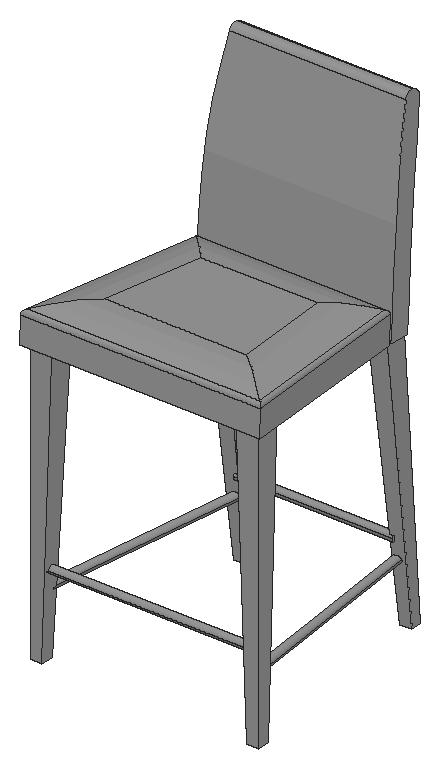
Revit family "Andreu World_Anna_BQ1386", category Furniture, Revit 2013
Parameters (values of type "BQ-1386")
  Width = 445 mm
  Upholstery Material = Andreu World Fabric
  URL = "http://www.andreuworld.com/"
  Reference = "BQ-1386"
  Model = "Anna"
  Metal = Andreu World Polished Chrome Finish
  Manufacturer = "Andreu World"
  Legs Material = Andreu World Beech
  Height = 950 mm
  Description = "Counter stool with upholstered seat and backrest. Solid beech wood frame."
  Depth = 465 mm
Reference planes
  plane 1 "Center (Front/Back)": y = 0
  plane 2: z = 0
  plane 3 "Center (Left/Right)": x = 0
  plane 4 "Left": x = -222.5
  plane 5 "Right": x = 222.5
  plane 6 "Back": y = 232.5
  plane 7 "Front": y = -232.5
  plane 8 "Seat Base": through (0, 178.206, 537.866) normal (0, 0.042, 0.9991)
  plane 9 "Seat Height": through (0, 0, 625.691) normal (0, 0.042, 0.9991)
  plane 10 "Height": z = 950
Forms (mm)
  Blend 1, solid, material "Andreu World Beech" <- "Legs Material", detail levels medium+fine
    base sketch origin (0, 0, 0) x (1, 0, 0) y (0, 1, 0)
      loop
        line (-224.897, -204.594) -> (-224.897, -227.594) -> (-201.897, -227.594) -> (-201.897, -204.594) -> (-224.897, -204.594)
    top sketch origin (0, 0, 0) x (1, 0, 0) y (0, 1, 0)
      loop
        line (-224.897, -182.887) -> (-224.897, -227.594) -> (-179.897, -227.594) -> (-179.897, -182.887) -> (-224.897, -182.887)
    from 0 to 594.686
  Blend 2, solid, material "Andreu World Beech" <- "Legs Material", detail levels medium+fine
    base sketch origin (0, 0, 0) x (1, 0, 0) y (0, 1, 0)
      loop
        line (-175.023, 231.933) -> (-175.023, 211.933) -> (-151.947, 211.933) -> (-151.947, 231.933) -> (-175.023, 231.933)
    top sketch origin (0, 0, 0) x (1, 0, 0) y (0, 1, 0)
      loop
        line (-183.488, 180.3) -> (-183.488, 138.27) -> (-143.488, 138.27) -> (-143.488, 180.3) -> (-183.488, 180.3)
    from 0 to 574.764
  Sweep 3, solid, material "Andreu World Fabric" <- "Upholstery Material", detail levels medium+fine
    path origin (0, 26.287, 624.585) x (0, 0.999116, -0.042049) y (-1, 0, 0)
      loop
        line (-176.576, 140.433) -> (-176.576, -140.433) -> (28.853, -115.21) -> (28.853, 115.21) -> (-176.576, 140.433)
    profile origin (0, -150.133, 632.01) x (0, 0.999116, -0.042049) y (0, 0.042049, 0.999116)
      loop
        arc (0, 0) -> (-40.715, -4.895) -> (-79.443, -18.378) r 190.806
        arc (-79.443, -18.378) -> (-83.61, -22.067) -> (-85.159, -27.414) r 10
        line (-85.159, -27.414) -> (-85.159, -80.254) -> (0, -80.254) -> (0, 0)
  Sweep 4, solid, material "Andreu World Fabric" <- "Upholstery Material", detail levels medium+fine
    path origin (0, 0, 0) x (1, 0, 0) y (0, 1, 0)
      loop
        line (-222.5, 180.3) -> (222.5, 180.3)
    profile origin (0, 180.3, 0) x (0, 1, 0) y (0, 0, 1)
      loop
        line (-33.13, 539.204) -> (2.928, 537.954)
        arc (2.928, 537.954) -> (14.827, 735.946) -> (51.082, 930.954) r 1603.403
        arc (51.082, 930.954) -> (49.593, 941.98) -> (40.918, 948.947) r 15
        line (40.918, 948.947) -> (37.461, 950.004)
        arc (37.461, 950.004) -> (25.993, 948.882) -> (18.704, 939.958) r 15
        arc (18.704, 939.958) -> (-24.339, 744.17) -> (-37.956, 544.17) r 1351.857
        arc (-37.956, 544.17) -> (-36.542, 540.716) -> (-33.13, 539.204) r 5
  Extrusion 5, void
    sketch origin (0, 0, -145) x (1, 0, 0) y (0, 0, 1)
      loop
        line (-171.714, 1102.478) -> (-266.897, 1102.478) -> (-266.897, 677.297) -> (-189.249, 677.297)
        arc (-189.249, 677.297) -> (-188.312, 890.21) -> (-171.714, 1102.478) r 2892.238
    from -300.47 to -109.018
  Extrusion 6, void
    sketch origin (0, 0, -145) x (-1, 0, 0) y (0, 0, -1)
      loop
        arc (-171.714, -1102.478) -> (-188.312, -890.21) -> (-189.249, -677.297) r 2892.238
        line (-189.249, -677.297) -> (-266.897, -677.297) -> (-266.897, -1102.478) -> (-171.714, -1102.478)
    from -300.47 to -109.018
  Extrusion 7, solid, material "Andreu World Polished Chrome Finish" <- "Metal", detail levels medium+fine
    sketch origin (0, 0, -145) x (0, 1, 0) y (0, 0, 1)
      loop
        circle (-212.248, 307.924) r 8
    from -201.942 to 202
  Extrusion 8, solid, material "Andreu World Polished Chrome Finish" <- "Metal", detail levels medium+fine
    sketch origin (0, 408.042, -145) x (0, 1, 0) y (0, 0, 1)
      loop
        circle (-212.248, 307.924) r 8
    from -156.177 to 156.427
  Extrusion 9, solid, material "Andreu World Polished Chrome Finish" <- "Metal", detail levels medium+fine
    sketch origin (-393.924, 25.941, -182.845) x (-0.992546, 0.121869, 0) y (0, 0, 1)
      loop
        circle (-212.248, 307.924) r 8
    from -215.996 to 198.593
  Extrusion 10, solid, material "Andreu World Polished Chrome Finish" <- "Metal", detail levels medium+fine
    sketch origin (393.924, 25.941, -182.845) x (0.992546, 0.121869, 0) y (0, 0, -1)
      loop
        circle (-212.248, -307.924) r 8
    from -215.996 to 198.593
  Extrusion 11, solid, material "Andreu World Fabric" <- "Upholstery Material", detail levels medium+fine
    sketch origin (0, 29.004, 544.146) x (0, 0.999116, -0.042049) y (-1, 0, 0)
      loop
        line (-182.673, 140.433) -> (-182.673, -140.433) -> (22.756, -115.21) -> (22.756, 115.21) -> (-182.673, 140.433)
    from 0 to 80.254
  Blend 12, solid, material "Andreu World Beech" <- "Legs Material", detail levels medium+fine
    base sketch origin (0, 0, 0) x (-1, 0, 0) y (0, -1, 0)
      loop
        line (-224.897, 204.594) -> (-201.897, 204.594) -> (-201.897, 227.594) -> (-224.897, 227.594) -> (-224.897, 204.594)
    top sketch origin (0, 0, 0) x (-1, 0, 0) y (0, -1, 0)
      loop
        line (-224.897, 182.887) -> (-179.897, 182.887) -> (-179.897, 227.594) -> (-224.897, 227.594) -> (-224.897, 182.887)
    from 0 to 594.686
  Blend 13, solid, material "Andreu World Beech" <- "Legs Material", detail levels medium+fine
    base sketch origin (0, 0, 0) x (-1, 0, 0) y (0, -1, 0)
      loop
        line (-175.023, -231.933) -> (-151.947, -231.933) -> (-151.947, -211.933) -> (-175.023, -211.933) -> (-175.023, -231.933)
    top sketch origin (0, 0, 0) x (-1, 0, 0) y (0, -1, 0)
      loop
        line (-183.488, -180.3) -> (-143.488, -180.3) -> (-143.488, -138.27) -> (-183.488, -138.27) -> (-183.488, -180.3)
    from 0 to 574.764
Cuts and joins
  Extrusion 5 cuts Blend 1
  Extrusion 5, Extrusion 6 cuts Sweep 4
  joined: Sweep 3, Extrusion 11
Lines and regions (mm)
  model lines, detail levels coarse+medium
    curve 1: line (-201.897, -204.594, 0) -> (-201.897, -227.594, 0)
    curve 2: line (-224.897, -227.594, 0) -> (-201.897, -227.594, 0)
    curve 3: line (-224.897, -204.594, 0) -> (-224.897, -227.594, 0)
    curve 4: line (-224.897, -204.594, 0) -> (-201.897, -204.594, 0)
    curve 5: line (224.897, -227.594, 0) -> (224.897, -204.594, 0)
    curve 6: line (201.897, -227.594, 0) -> (224.897, -227.594, 0)
    curve 7: line (201.897, -204.594, 0) -> (224.897, -204.594, 0)
    curve 8: line (201.897, -227.594, 0) -> (201.897, -204.594, 0)
    curve 9: line (175.023, 211.933, 0) -> (151.947, 211.933, 0)
    curve 10: line (175.023, 231.933, 0) -> (175.023, 211.933, 0)
    curve 11: line (151.947, 231.933, 0) -> (175.023, 231.933, 0)
    curve 12: line (151.947, 211.933, 0) -> (151.947, 231.933, 0)
    curve 13: line (-151.947, 231.933, 0) -> (-151.947, 211.933, 0)
    curve 14: line (-151.947, 211.933, 0) -> (-175.023, 211.933, 0)
    curve 15: line (-175.023, 211.933, 0) -> (-175.023, 231.933, 0)
    curve 16: line (-175.023, 231.933, 0) -> (-151.947, 231.933, 0)
    curve 17: line (236.688, -238.592, 0) -> (-236.688, -238.592, 0)
    curve 18: line (236.688, -238.592, 0) -> (190.552, 136.824, 0)
    curve 19: line (-190.552, 136.824, 0) -> (-236.688, -238.592, 0)
    curve 20: line (190.552, 136.824, 0) -> (-190.552, 136.824, 0)
    curve 21: line (-175.023, 231.933, 0) -> (175.023, 231.933, 0)
    curve 22: arc (175.023, 231.933, 0) -> (184.153, 209.131, 0) -> (190.169, 185.317, 0) r 184.268
    curve 23: line (190.169, 185.317, 0) -> (190.169, 136.824, 0)
    curve 24: arc (-175.023, 231.933, 0) -> (-184.153, 209.131, 0) -> (-190.169, 185.317, 0) r 184.268
    curve 25: line (-190.169, 185.317, 0) -> (-190.169, 136.824, 0)
    curve 26: line (190.169, 185.317, 0) -> (-190.169, 185.317, 0)
Dimensions and locks
  "Width": plane 4 "Left" to plane 5 "Right"
  equal spacing: plane 4 "Left", plane 3 "Center (Left/Right)", plane 5 "Right"
  "Depth": plane 6 "Back" to plane 7 "Front"
  equal spacing: plane 6 "Back", plane 1 "Center (Front/Back)", plane 7 "Front"
  "Height": plane 10 "Height" to level
  locked: plane 9 "Seat Height" to plane 8 "Seat Base" at 80.254
  aligned and locked: level to plane 2
  aligned and locked: Sweep 3 to Extrusion 11 sketch curve
  aligned and locked: Extrusion 11 sketch curve to Sweep 3  (x3)
  aligned and locked: curve 1 to cut or joined group of Blend 1, Extrusion 5
  aligned and locked: curve 2 to cut or joined group of Blend 1, Extrusion 5
  aligned and locked: cut or joined group of Blend 1, Extrusion 5 to curve 3
  aligned and locked: curve 4 to cut or joined group of Blend 1, Extrusion 5
  aligned and locked: curve 13 to Blend 2
  aligned and locked: curve 14 to Blend 2
  aligned and locked: curve 15 to Blend 2
  aligned and locked: curve 16 to Blend 2
  aligned and locked: curve 17 to cut or joined group of Sweep 3, Extrusion 11
  aligned and locked: curve 18 to cut or joined group of Sweep 3, Extrusion 11
  aligned and locked: curve 19 to cut or joined group of Sweep 3, Extrusion 11
  aligned and locked: curve 20 to cut or joined group of Sweep 3, Extrusion 11
Automatic sketch dimensions
  plane 4 "Left" to curve 25 = 32.331 mm
  plane 5 "Right" to curve 6 = 2.397 mm
  plane 7 "Front" to curve 6 = 4.906 mm
  curve 12 to plane 6 "Back" = 20.567 mm
  curve 12 to plane 5 "Right" = 70.553 mm
  curve 11 to curve 10 = 23.075 mm
  curve 9 to curve 26 = 15.147 mm
  curve 6 to plane 5 "Right" = 20.603 mm
  curve 24 to plane 3 "Center (Left/Right)" = 8.903 mm
  plane 3 "Center (Left/Right)" to curve 22 = 8.903 mm
  curve 5 to curve 7 = 23 mm
  curve 26 to curve 9 = 26.616 mm
  Blend 1 sketch curve to plane 4 "Left" = 2.397 mm  (x2)
  plane 7 "Front" to Blend 1 sketch curve = 4.906 mm  (x2)
  plane 4 "Left" to Blend 1 sketch curve = 20.603 mm
  Blend 1 sketch curve to Blend 1 sketch curve = 23 mm
  plane 4 "Left" to Blend 1 sketch curve = 42.603 mm
  Blend 1 sketch curve to Blend 1 sketch curve = 44.707 mm
  Blend 2 sketch curve to plane 6 "Back" = 20.567 mm
  plane 4 "Left" to Blend 2 sketch curve = 47.477 mm
  Blend 2 sketch curve to plane 6 "Back" = 0.567 mm
  Blend 2 sketch curve to Blend 2 sketch curve = 23.075 mm
  plane 4 "Left" to Blend 2 sketch curve = 39.012 mm
  Blend 2 sketch curve to plane 6 "Back" = 94.23 mm
  Blend 2 sketch curve to Blend 2 sketch curve = 40 mm
  Blend 2 sketch curve to Blend 2 sketch curve = 42.03 mm
  Sweep 3 sketch curve to plane 5 "Right" = 82.067 mm
  plane 4 "Left" to Sweep 3 sketch curve = 82.067 mm
  plane 4 "Left" to Sweep 3 sketch curve = 107.29 mm
  Sweep 3 sketch curve to plane 5 "Right" = 107.29 mm
  Sweep 3 sketch curve to Sweep 3 sketch curve = 205.429 mm
  Sweep 3 sketch curve to profile plane = 0 mm
  Sweep 3 sketch curve to plane 9 "Seat Height" = 0 mm
  Sweep 3 sketch curve to plane 9 "Seat Height" = 27.414 mm
  profile plane to Sweep 3 sketch curve = 85.159 mm
  Sweep 3 sketch curve to Sweep 3 sketch curve = 5.716 mm
  Sweep 3 sketch curve to Sweep 3 sketch curve = 0 mm
  Sweep 3 sketch curve to Sweep 3 sketch curve = 4.284 mm
  Sweep 3 sketch curve to Sweep 3 sketch curve = 52.84 mm
  Sweep 4 sketch curve to plane 4 "Left" = 0 mm
  Sweep 4 sketch curve to plane 5 "Right" = 0 mm
  Sweep 4 sketch curve to plane 6 "Back" = 52.2 mm
  profile plane to Sweep 4 sketch curve = 33.13 mm
  Sweep 4 sketch curve to profile plane = 2.928 mm
  level to Sweep 4 sketch curve = 537.954 mm
  Sweep 4 sketch curve to profile plane = 37.461 mm
  Sweep 4 sketch curve to Sweep 4 sketch curve = 3.457 mm  (x2)
  Sweep 4 sketch curve to Sweep 4 sketch curve = 4.827 mm
  Sweep 4 sketch curve to Sweep 4 sketch curve = 0 mm  (x3)
  Sweep 4 sketch curve to Sweep 4 sketch curve = 5 mm
  Sweep 4 sketch curve to profile plane = 18.704 mm
  Sweep 4 sketch curve to Sweep 4 sketch curve = 14.371 mm
  Sweep 4 sketch curve to Sweep 4 sketch curve = 14.549 mm
  level to Sweep 4 sketch curve = 552.593 mm
  Sweep 4 sketch curve to Sweep 4 sketch curve = 1310.947 mm
  Sweep 4 sketch curve to Sweep 4 sketch curve = 292.453 mm
  Sweep 4 sketch curve to Sweep 4 sketch curve = 1.25 mm
  Sweep 4 sketch curve to Sweep 4 sketch curve = 1.057 mm
  plane 10 "Height" to Extrusion 5 sketch curve = 7.478 mm
  Extrusion 5 sketch curve to plane 4 "Left" = 44.397 mm
  plane 4 "Left" to Extrusion 5 sketch curve = 33.251 mm
  Extrusion 5 sketch curve to Extrusion 5 sketch curve = 95.182 mm
  Extrusion 6 sketch curve to plane 10 "Height" = 7.478 mm
  Extrusion 6 sketch curve to plane 5 "Right" = 44.397 mm
  plane 5 "Right" to Extrusion 6 sketch curve = 33.251 mm
  Extrusion 6 sketch curve to Extrusion 6 sketch curve = 95.182 mm
  plane 7 "Front" to Extrusion 7 sketch curve = 20.252 mm
  Extrusion 8 sketch curve to plane 6 "Back" = 36.706 mm
  Blend 12 sketch curve to plane 5 "Right" = 2.397 mm  (x2)
  Blend 12 sketch curve to plane 7 "Front" = 4.906 mm  (x2)
  plane 5 "Right" to Blend 12 sketch curve = 20.603 mm
  Blend 12 sketch curve to Blend 12 sketch curve = 23 mm
  plane 5 "Right" to Blend 12 sketch curve = 42.603 mm
  Blend 12 sketch curve to Blend 12 sketch curve = 44.707 mm
  plane 6 "Back" to Blend 13 sketch curve = 20.567 mm
  plane 5 "Right" to Blend 13 sketch curve = 47.477 mm
  plane 6 "Back" to Blend 13 sketch curve = 0.567 mm
  Blend 13 sketch curve to Blend 13 sketch curve = 23.075 mm
  plane 5 "Right" to Blend 13 sketch curve = 39.012 mm
  plane 6 "Back" to Blend 13 sketch curve = 94.23 mm
  Blend 13 sketch curve to Blend 13 sketch curve = 40 mm
  Blend 13 sketch curve to Blend 13 sketch curve = 42.03 mm
  Extrusion 5 sketch curve to plane 10 "Height" = 417.703 mm
  Extrusion 5 sketch curve to plane 10 "Height" = 323.964 mm
  plane 10 "Height" to Extrusion 6 sketch curve = 417.703 mm
  plane 10 "Height" to Extrusion 6 sketch curve = 323.964 mm
  level to Extrusion 7 sketch curve = 162.924 mm
  level to Extrusion 8 sketch curve = 162.924 mm
  level to Extrusion 9 sketch curve = 125.079 mm
  level to Extrusion 10 sketch curve = 125.079 mm
  radius of Extrusion 7 sketch curve = 8 mm
  radius of Extrusion 8 sketch curve = 8 mm
  radius of Extrusion 9 sketch curve = 8 mm
  radius of Extrusion 10 sketch curve = 8 mm
